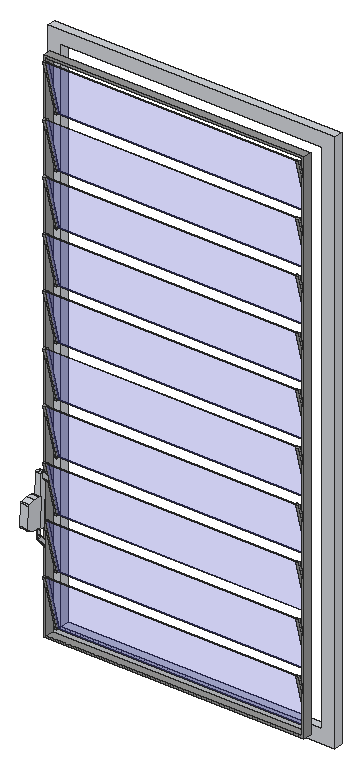
Revit family "NACO with Louvre control", category Windows, host Wall, Revit 2014
Parameters
  PRACTICAL NUMBER OF BLADES = if(Blade_height = 150 mm, "Decrease blade number", if(Blade_height = 390 mm, "Add more blades", "OKAY"))  # "OKAY"
  No. of Blades = 10
  Numbers = if(No. of Blades < 2, 2, No. of Blades)  # 10
  Main_visible = No. of Blades < 2  # no
  Height = 3000 mm
  H2 = 12.9 mm
  H1 = 12.4 mm
  Glass_material = Glass
  Frame_material = Aluminum, Anodized Silver
  Depth = 46 mm
  Default Sill Height = 800 mm
  TrimProjection = 50 mm
  Wall Closure = By host
  Width = 1500 mm
  Blade_width = Actual_width - B1 - B2  # 1469 mm
  Blade_height = if(Actual_Blade_height < 150 mm, 150 mm, if(Actual_Blade_height > 390 mm, 390 mm, Actual_Blade_height))  # 312.49 mm
  Actuator(Elcectric, Manual, Pneumatic) = Louvre control : Louvre control
  Actual_horizontal_position = Actual_width - B1 / 2  # 1492.25 mm
  Actual_Blade_height = (Height - H1 - H2 - 3.5 mm - 3.8 mm + ((No. of Blades - 1) * 17.5 mm)) / (No. of Blades)  # 312.49 mm
  Blade_origin = (Actual_Blade_height) / 2 + 3.5 mm  # 159.745 mm
  B2 = 15.5 mm
  B1 = 15.5 mm
  Array_visible = No. of Blades > 1  # yes
  Array_distance = (Actual_Blade_height) - 17.5 mm  # 294.99 mm
  Angle_ = if(Angle_opening > 84.00°, 84.00°, Angle_opening)  # 75.00°
  Angle_opening = 75.00°
  Actual_width = if(Width > 1826 mm, 1826 mm, if(Width < 250 mm, 250 mm, Width))  # 1500 mm
  Actual_height = if(Height < 200 mm, 200 mm, Height)  # 3000 mm
Reference planes
  plane 1 "Center (Front/Back)": y = 0
  plane 2 "Center (Left/Right)": x = 0
  plane 3 "Left": x = -750
  plane 4 "Right": x = 750
  plane 5 "Sill": z = 800
  plane 6 "Head": z = 3800
  plane 7 "Exterior": y = 100
  plane 8 "Interior": y = -100
  plane 9: x = -734.5
  plane 10: x = 734.5
  plane 11: z = 3787.6
  plane 12: z = 812.9
Forms (mm)
  Extrusion 1, solid
    sketch origin (3500, 100, 0) x (-1, 0, 0) y (0, 0, 1)
      loop
        line (2750, 3800) -> (2750, 800) -> (4250, 800) -> (4250, 3800) -> (2750, 3800)
      loop
        line (2675, 3875) -> (2675, 725) -> (4325, 725) -> (4325, 3875) -> (2675, 3875)
    from 0 to 50
  Extrusion 2, solid, material "Aluminum, Anodized Silver" <- "Frame_material"
    sketch origin (0, 100, 0) x (1, 0, 0) y (0, 0, 1)
      loop
        line (750, 3800) -> (-750, 3800) -> (-750, 800) -> (750, 800) -> (750, 3800)
      loop
        line (734.5, 3787.6) -> (-734.5, 3787.6) -> (-734.5, 812.9) -> (734.5, 812.9) -> (734.5, 3787.6)
    from 77 to 123
Lines and regions (mm)
  Opening 1
    outline origin (3500, -100, 0) x (1, 0, 0) y (0, 0, 1)
      loop
        line (-2750, 800) -> (-2750, 3800) -> (-4250, 3800) -> (-4250, 800) -> (-2750, 800)
Text (mm)
  text "EXTERIOR" at (-1981.535, 863.181, 0), in view "Ref. Level"
  text "INTERIOR" at (-2017.992, -707.606, 0), in view "Ref. Level"
  text "Exterior" at (0, 923.751, 2943.296), in view "Right"
  text "Exterior" at (0, 1019.841, 2788.626), in view "Left"
Dimensions and locks
  equal spacing: plane 3 "Left", plane 2 "Center (Left/Right)", plane 4 "Right"
  "Actual_width": plane 3 "Left" to plane 4 "Right"
  "Actual_height": plane 5 "Sill" to plane 6 "Head"
  "Default Sill Height": plane 5 "Sill" to level
  "TrimProjection": Extrusion 1 to host wall
  plane 7 "Exterior" to host wall = 0 mm
  locked: plane 8 "Interior" to host wall
  "B2": plane 3 "Left" to plane 9
  "B1": plane 10 to plane 4 "Right"
  "H1": plane 11 to plane 6 "Head"
  "H2": plane 5 "Sill" to plane 12
  equal spacing: Extrusion 2, plane 1 "Center (Front/Back)", Extrusion 2
  "Depth": Extrusion 2 to Extrusion 2
  host wall to host wall = 4000 mm
  "Blade_origin": plane 12 to nested 1
  "Blade_origin": plane 12 to nested 2
  equal spacing: group 1, group 2, group 3, group 4, group 5, group 6, group 7, group 8, group 9, group 10  (x3)
  "Array_distance": nested 2 to nested 3
  "Actual_horizontal_position": nested 12 to Extrusion 2
  aligned and locked: Extrusion 2 sketch curve to host wall  (x4)
  aligned and locked: Extrusion 2 sketch curve to plane 11
  aligned and locked: Extrusion 2 sketch curve to plane 10
  aligned and locked: plane 12 to Extrusion 2 sketch curve
  aligned and locked: Extrusion 2 sketch curve to plane 9
Automatic sketch dimensions
  Opening 1 sketch curve to plane 3 "Left" = 0 mm
  Opening 1 sketch curve to plane 4 "Right" = 0 mm
  Opening 1 sketch curve to plane 5 "Sill" = 0 mm
  Opening 1 sketch curve to plane 6 "Head" = 0 mm
  Extrusion 1 sketch curve to plane 4 "Right" = 0 mm
  Extrusion 1 sketch curve to plane 3 "Left" = 0 mm
  Extrusion 1 sketch curve to plane 4 "Right" = 75 mm
  plane 3 "Left" to Extrusion 1 sketch curve = 75 mm
  Extrusion 1 sketch curve to plane 5 "Sill" = 0 mm
  Extrusion 1 sketch curve to plane 6 "Head" = 0 mm
  Extrusion 1 sketch curve to Extrusion 1 sketch curve = 75 mm
  Extrusion 1 sketch curve to plane 6 "Head" = 75 mm
Nested families
  nested 1: "naco_blade" at (0, 0, 972.645) x (0, -1, 0) z (-1, 0, 0), visible <- "Main_visible", type "naco_blade_main"
    with Blade_height 312.49 mm
  nested 2: "naco_blade" at (0, 0, 972.645) x (0, -1, 0) z (-1, 0, 0), visible <- "Array_visible", type "naco_blade_array"
    with Blade_height 312.49 mm
  nested 3: "naco_blade" at (0, 0, 1267.635) x (0, -1, 0) z (-1, 0, 0), visible <- "Array_visible", type "naco_blade_array"
    with Blade_height 312.49 mm
  nested 4: "naco_blade" at (0, 0, 1562.625) x (0, -1, 0) z (-1, 0, 0), visible <- "Array_visible", type "naco_blade_array"
    with Blade_height 312.49 mm
  nested 5: "naco_blade" at (0, 0, 1857.615) x (0, -1, 0) z (-1, 0, 0), visible <- "Array_visible", type "naco_blade_array"
    with Blade_height 312.49 mm
  nested 6: "naco_blade" at (0, 0, 2152.605) x (0, -1, 0) z (-1, 0, 0), visible <- "Array_visible", type "naco_blade_array"
    with Blade_height 312.49 mm
  nested 7: "naco_blade" at (0, 0, 2447.595) x (0, -1, 0) z (-1, 0, 0), visible <- "Array_visible", type "naco_blade_array"
    with Blade_height 312.49 mm
  nested 8: "naco_blade" at (0, 0, 2742.585) x (0, -1, 0) z (-1, 0, 0), visible <- "Array_visible", type "naco_blade_array"
    with Blade_height 312.49 mm
  nested 9: "naco_blade" at (0, 0, 3037.575) x (0, -1, 0) z (-1, 0, 0), visible <- "Array_visible", type "naco_blade_array"
    with Blade_height 312.49 mm
  nested 10: "naco_blade" at (0, 0, 3332.565) x (0, -1, 0) z (-1, 0, 0), visible <- "Array_visible", type "naco_blade_array"
    with Blade_height 312.49 mm
  nested 11: "naco_blade" at (0, 0, 3627.555) x (0, -1, 0) z (-1, 0, 0), visible <- "Array_visible", type "naco_blade_array"
    with Blade_height 312.49 mm
  nested 12: "Louvre control" at (-742.25, -23, 1267.635) x (0, -1, 0) z (0, 0, 1), type <- "Actuator(Elcectric, Manual, Pneumatic)", type "Louvre control"
Definition of nested family "naco_blade"
  Parameters (values of type "naco_blade_main")
    angle = 75.00°
    Glass_wall_depth = 10 mm
    Blade_width = 1469 mm
    Glass_wall_material = Aluminum, Anodized Silver
    Glass_wall_thickness = 16.5 mm
    Glass_thickness = 7 mm
    Glass_material = Glass
    Blade_height = 400 mm
  Types (2, lengths in mm): name | Blade_height
    naco_blade_main | 400
    naco_blade_array | 390
  Reference planes
    plane 1 "Center (Front/Back)": y = 0
    plane 2: z = 0
    plane 3 "Center (Left/Right)": x = 0
  Forms (mm)
    Extrusion 1, solid, material "Glass" <- "Glass_material"
      sketch origin (-160.607, -947.127, 0) x (0.258819, 0.965926, 0) y (-0.965926, 0.258819, 0)
        loop
          line (756.423, 93.5) -> (756.423, 86.5) -> (1156.423, 86.5) -> (1156.423, 93.5) -> (756.423, 93.5)
      from -718 to 718
    Extrusion 2, solid, material "Aluminum, Anodized Silver" <- "Glass_wall_material"
      sketch origin (775.974, 2897.907, -185.345) x (0, 0, 1) y (0.965926, -0.258819, 0)
        loop
          line (919.845, -4.5) -> (919.845, 5.5) -> (903.345, 5.5) -> (903.345, -4.5) -> (919.845, -4.5)
      from -3200 to -2800
    Extrusion 3, solid, material "Aluminum, Anodized Silver" <- "Glass_wall_material"
      sketch origin (821.373, 2885.742, 185.345) x (0, 0, -1) y (-0.965926, 0.258819, 0)
        loop
          line (919.845, 51.5) -> (903.345, 51.5) -> (903.345, 41.5) -> (919.845, 41.5) -> (919.845, 51.5)
      from -3200 to -2800
  Lines and regions (mm)
    reference lines
      curve 1: line (0, 0, 0) -> (776.457, 2897.777, 0)
  Dimensions and locks
    equal spacing: Extrusion 1, curve 1, Extrusion 1  (x2)
    "Glass_thickness": Extrusion 1 to Extrusion 1
    "Blade_height": Extrusion 1 to Extrusion 1
    equal spacing: Extrusion 2, curve 1, Extrusion 3
    "Blade_width": Extrusion 2 to Extrusion 3
    "Glass_wall_thickness": Extrusion 2 to Extrusion 2
    "Glass_wall_thickness": Extrusion 3 to Extrusion 3
    equal spacing: Extrusion 2 sketch curve, curve 1, Extrusion 2 sketch curve
    equal spacing: Extrusion 3 sketch curve, curve 1, Extrusion 3 sketch curve
    "Glass_wall_depth": Extrusion 2 sketch curve to Extrusion 2 sketch curve
    "Glass_wall_depth": Extrusion 3 sketch curve to Extrusion 3 sketch curve
    "angle": angle plane 1 "Center (Front/Back)" to curve 1
    aligned and locked: level to plane 2
    aligned and locked: plane 3 "Center (Left/Right)" to curve 1
    aligned and locked: plane 1 "Center (Front/Back)" to curve 1
    aligned and locked: Extrusion 1 to Extrusion 2  (x3)
    aligned and locked: Extrusion 1 to Extrusion 3  (x2)
    aligned and locked: Extrusion 3 to Extrusion 1
  Automatic sketch dimensions
    curve 1 to Extrusion 1 sketch curve = 3.5 mm
    Extrusion 1 sketch curve to curve 1 = 200 mm
    curve 1 to Extrusion 1 sketch curve = 200 mm
    Extrusion 1 sketch curve to curve 1 = 3.5 mm
    level to Extrusion 2 sketch curve = 718 mm
    Extrusion 2 sketch curve to Extrusion 2 sketch curve = 16.5 mm
    Extrusion 3 sketch curve to level = 718 mm
    Extrusion 3 sketch curve to Extrusion 3 sketch curve = 16.5 mm
Definition of nested family "Louvre control"
  Reference planes
    plane 1 "Center (Front/Back)": y = 0
    plane 2: z = 0
    plane 3 "Center (Left/Right)": x = 0
  Forms (mm)
    Extrusion 1, solid
      sketch origin (0, -5, -464.762) x (1, 0, 0) y (0, 0, 1)
        loop
          arc (137.272, 739.138) -> (136.259, 741.945) -> (133.827, 743.674) r 5
          line (133.827, 743.674) -> (96.509, 755.852) -> (56.547, 754.118)
          arc (56.547, 754.118) -> (53.078, 752.502) -> (51.768, 748.906) r 5
          line (51.768, 748.906) -> (58.139, 602.044)
          arc (58.139, 602.044) -> (59.755, 598.576) -> (63.351, 597.266) r 5
          line (63.351, 597.266) -> (103.313, 598.999) -> (139.437, 614.363)
          arc (139.437, 614.363) -> (141.709, 616.297) -> (142.475, 619.181) r 5
          line (142.475, 619.181) -> (137.272, 739.138)
      from -23 to 23
    Extrusion 2, solid
      sketch origin (-56.935, -218.514, 147.288) x (0.999053, 0, 0.043513) y (0, 1, 0)
        loop
          line (84.529, 233.514) -> (84.529, 203.514) -> (114.529, 203.514) -> (114.529, 233.514) -> (84.529, 233.514)
      from -31.746 to 250
    Extrusion 3, solid
      sketch origin (0, 0, -414.018) x (1, 0, 0) y (0, 0, 1)
        loop
          line (26.941, 813.108) -> (0, 786.167) -> (0, 753.167) -> (38.012, 791.18)
          arc (38.012, 791.18) -> (38.663, 792.153) -> (38.891, 793.301) r 3
          line (38.891, 793.301) -> (38.891, 808.159)
          arc (38.891, 808.159) -> (34.57, 814.626) -> (26.941, 813.108) r 7
      from -20 to 20
    Extrusion 4, solid
      sketch origin (0, 0, -414.018) x (1, 0, 0) y (0, 0, 1)
        loop
          line (35.886, 533.574) -> (38.27, 478.626)
          arc (38.27, 478.626) -> (46.392, 475.975) -> (54.255, 479.319) r 12.167
          line (54.255, 479.319) -> (51.871, 534.267) -> (35.886, 533.574)
      from 0 to 2.4
    Extrusion 5, solid
      sketch origin (0, 0, -414.018) x (1, 0, 0) y (0, 0, 1)
        loop
          circle (45.981, 485.466) r 4
      from -5 to 5
    Extrusion 6, solid
      sketch origin (0, 3, -414.018) x (1, 0, 0) y (0, 0, 1)
        loop
          line (0, 445.446) -> (0, 414.018) -> (55.285, 481.031)
          arc (55.285, 481.031) -> (56.406, 484.69) -> (54.61, 488.07) r 5
          line (54.61, 488.07) -> (46.897, 494.433)
          arc (46.897, 494.433) -> (43.237, 495.554) -> (39.858, 493.758) r 5
          line (39.858, 493.758) -> (0, 445.446)
      from 0 to 3
  Dimensions and locks
    aligned and locked: level to plane 2
